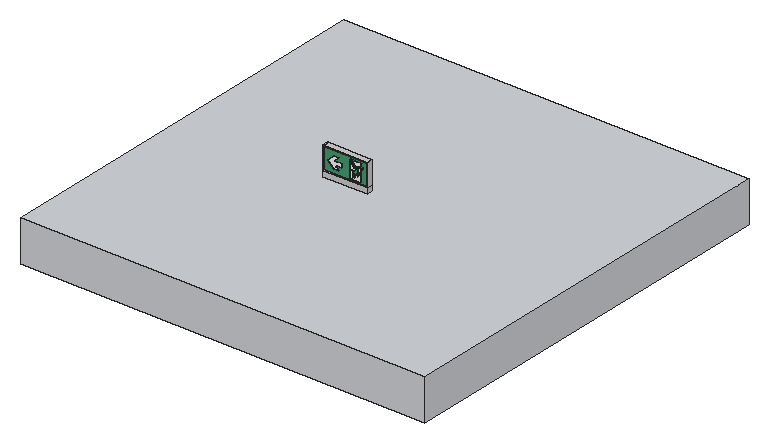
Revit family "Zumtobel CROSSIGN 160 P", category Leuchten, Revit 2016
Family settings
  Basisbauteil = Fläche
  Teiletyp = Normal
  Bemaßung runder Anschluss = Durchmesser verwenden
  OmniClass-Nummer = 23.80.70.11
  OmniClass-Titel = Luminaries for Internal Lighting
  Beim Laden mit Abzugskörper schneiden = Nein
  Lichtquelle = Ja
  Gemeinsam genutzt = Nein
  Raumberechnungspunkt = Nein
Parameters (values of type "CROSSIGN 160 P + LR")
  Width = 332 mm  # constant formula
  Wattage Comments = ""
  Wattage = 0.565497 W
  built-in parameter 1150110 = 1 (stored number, unit not read)
  Voltage = 230 V
  URL = "http://www.zumtobel.com/42185974"
  Typenkommentare = "© Zumtobel. We reserve the right to make technical changes without prior notice."  # constant formula
  built-in parameter 1114217 = 1 (stored number, unit not read)
  Tilt Angle = 180.00°
  built-in parameter 1150109 = 1 (stored number, unit not read)
  built-in parameter 1150134 = 12
  built-in parameter 1150113 = 1 (stored number, unit not read)
  Datei für fotometrisches Netz = "42180768+22168595_(STD-LEO).IES"
  built-in parameter 1150105 = 6.6845 (stored number, unit not read)
  Lumens = 84 lm
  built-in parameter 1150115 = 1 (stored number, unit not read)
  built-in parameter 1150137 = (empty or 0)
  built-in parameter 1150139 = (empty or 0)
  built-in parameter 1150112 = 1 (stored number, unit not read)
  built-in parameter 1150114 = 1 (stored number, unit not read)
  built-in parameter 1150132 = 2
  built-in parameter 1150102 = (empty or 0)
  built-in parameter 1150107 = 4000 (stored number, unit not read)
  built-in parameter 1150138 = (empty or 0)
  built-in parameter 1150106 = 0.066845 (stored number, unit not read)
  Height = 209.5 mm  # constant formula
  Escape Left & Right = yes
  Escape Top = no
  Von Breite des Rechtecks ausssenden = 44 mm
  Von Länge des Rechtecks aussenden = 360 mm
  Emissionsform beim Rendern sichtbar = no
  built-in parameter 1150104 = 13.8 (stored number, unit not read)
  ERI = no
  Farbtemperaturverschiebung bei Dämpfen der Lampe = <Keine Auswahl>
  Depth = 44 mm  # constant formula
  Modell = "42185974"
  Hersteller = "Zumtobel Lighting"  # constant formula
  Lampe = "LED"
  Beschreibung = if(ERI, "Escape sign + ERI LED luminaire ceiling surface-mount", "Escape sign LED luminaire ceiling surface-mount")  # "Escape sign LED luminaire ceiling surface-mount"
  Default Elevation = 0 mm
  Farbfilter = 16777215
  Body = Zumtobel_Metal_Aluminium
  built-in parameter 1114218 = 1 (stored number, unit not read)
  built-in parameter 1150133 = 10 (stored number, unit not read)
  Baugruppenkennzeichen = "D5020200"
  Scheinlast = 7.5 VA
Types (2, lengths in mm): name | Escape Left & Right | Escape Top | Von Länge des Rechtecks aussenden
  CROSSIGN 160 P  + O | no | yes | 305
  CROSSIGN 160 P + LR | yes | no | 360
Reference planes
  plane 1 "Center (Front/Back)": y = 0
  plane 2 "Bottom": z = 0
  plane 3 "Center (Left/Right)": x = -735.5
  plane 4 "Light Source Axis": z = 129.5
  plane 5: z = 209.5
  plane 6: z = 39.5
  plane 7: x = -901.5
  plane 8: x = -569.5
  plane 9: y = -22
  plane 10: y = 22
Forms (mm)
  Extrusion 1, solid
    sketch origin (123, 0, 0) x (1, 0, 0) y (0, 1, 0)
      loop
        line (-2085.5, 1500) -> (-2085.5, -1500) -> (914.5, -1500) -> (914.5, 1500) -> (-2085.5, 1500)
    from 0 to -304.8
  Extrusion 2, solid, material "Zumtobel_Metal_Aluminium" <- "Body"
    sketch origin (0, 0, 0) x (1, 0, 0) y (0, 1, 0)
      loop
        line (-901.5, 22) -> (-901.5, -22) -> (-569.5, -22) -> (-569.5, 22) -> (-901.5, 22)
    from 39.5 to 0
  Extrusion 3, solid, material "Zumtobel_Escape_Sign_Green_Self_Illumination", visible <- "Escape Top"
    sketch origin (0, 0, -295.5) x (1, 0, 0) y (0, 0, 1)
      loop
        line (-653.853, 428.358) -> (-651.685, 449.523)
        arc (-651.685, 449.523) -> (-650.098, 453.355) -> (-646.266, 454.942) r 5.42
        line (-646.266, 454.942) -> (-605.191, 454.942)
        arc (-605.191, 454.942) -> (-610.804, 446.945) -> (-620.08, 443.875) r 15.55
        line (-620.08, 443.875) -> (-638.222, 443.875)
        arc (-638.222, 443.875) -> (-639.916, 443.173) -> (-640.618, 441.479) r 2.396
        line (-640.618, 441.479) -> (-641.645, 425.619)
        arc (-641.645, 425.619) -> (-642.427, 420.108) -> (-644.041, 414.78) r 36.444
        line (-644.041, 414.78) -> (-652.084, 398.521) -> (-641.987, 398.521)
        arc (-641.987, 398.521) -> (-641.138, 398.917) -> (-640.504, 399.605) r 2.419
        line (-640.504, 399.605) -> (-632.537, 412.595)
        arc (-632.537, 412.595) -> (-626.032, 414.154) -> (-624.473, 407.649) r 4.73
        line (-624.473, 407.649) -> (-632.574, 394.186)
        arc (-632.574, 394.186) -> (-636.651, 390.46) -> (-642.101, 389.565) r 9.697
        line (-642.101, 389.565) -> (-668.115, 389.565)
        arc (-668.115, 389.565) -> (-674.077, 391.815) -> (-678.786, 396.109) r 16.93
        line (-678.786, 396.109) -> (-687.626, 407.934) -> (-701.546, 407.934) -> (-701.546, 355.05) -> (-616.828, 355.05) -> (-616.828, 441.529)
        arc (-616.828, 441.529) -> (-607.672, 446.126) -> (-602.452, 454.942) r 18.189
        line (-602.452, 454.942) -> (-602.452, 457.738) -> (-616.828, 457.738) -> (-616.828, 476.336) -> (-608.164, 485) -> (-664.125, 485) -> (-672.132, 477.526)
        arc (-672.132, 477.526) -> (-675.189, 475.513) -> (-678.74, 474.624) r 10.907
        line (-678.74, 474.624) -> (-687.911, 474.624) -> (-677.077, 485) -> (-692.881, 485) -> (-701.546, 476.336) -> (-701.546, 417.804) -> (-685.344, 417.804)
        arc (-685.344, 417.804) -> (-682.127, 416.399) -> (-679.582, 413.981) r 10.138
        line (-679.582, 413.981) -> (-673.249, 405.424) -> (-665.434, 421.797) -> (-689.794, 471.715) -> (-679.582, 471.715)
        arc (-679.582, 471.715) -> (-676.908, 470.985) -> (-674.976, 468.998) r 5.263
        line (-674.976, 468.998) -> (-653.853, 428.358)
      loop
        circle (-670.78, 377.395) r 10.133
      loop
        line (-574.5, 340) -> (-574.5, 500) -> (-896.5, 500) -> (-896.5, 340) -> (-574.5, 340)
      loop
        line (-825.836, 471.586) -> (-825.836, 417.336) -> (-857.078, 450.839) -> (-857.078, 416.201) -> (-812.516, 368.414) -> (-767.953, 416.201) -> (-767.953, 450.839) -> (-799.195, 417.336) -> (-799.195, 471.586) -> (-825.836, 471.586)
    from -22 to 22
  Extrusion 4, solid, material "Zumtobel_Escape_Sign_White_Self_Illumination", visible <- "Escape Top"
    sketch origin (0, 0, -295.5) x (1, 0, 0) y (0, 0, 1)
      loop
        line (-653.853, 428.358) -> (-651.685, 449.523)
        arc (-651.685, 449.523) -> (-650.098, 453.355) -> (-646.266, 454.942) r 5.42
        line (-646.266, 454.942) -> (-605.191, 454.942)
        arc (-605.191, 454.942) -> (-610.804, 446.945) -> (-620.08, 443.875) r 15.55
        line (-620.08, 443.875) -> (-638.222, 443.875)
        arc (-638.222, 443.875) -> (-639.916, 443.173) -> (-640.618, 441.479) r 2.396
        line (-640.618, 441.479) -> (-641.645, 425.619)
        arc (-641.645, 425.619) -> (-642.427, 420.108) -> (-644.041, 414.78) r 36.444
        line (-644.041, 414.78) -> (-652.084, 398.521) -> (-641.987, 398.521)
        arc (-641.987, 398.521) -> (-641.138, 398.917) -> (-640.504, 399.605) r 2.419
        line (-640.504, 399.605) -> (-632.537, 412.595)
        arc (-632.537, 412.595) -> (-626.032, 414.154) -> (-624.473, 407.649) r 4.73
        line (-624.473, 407.649) -> (-632.574, 394.186)
        arc (-632.574, 394.186) -> (-636.651, 390.46) -> (-642.101, 389.565) r 9.697
        line (-642.101, 389.565) -> (-668.115, 389.565)
        arc (-668.115, 389.565) -> (-674.077, 391.815) -> (-678.786, 396.109) r 16.93
        line (-678.786, 396.109) -> (-687.626, 407.934) -> (-701.546, 407.934) -> (-701.546, 355.05) -> (-616.828, 355.05) -> (-616.828, 441.529)
        arc (-616.828, 441.529) -> (-607.672, 446.126) -> (-602.452, 454.942) r 18.189
        line (-602.452, 454.942) -> (-602.452, 457.738) -> (-616.828, 457.738) -> (-616.828, 476.336) -> (-608.164, 485) -> (-664.125, 485) -> (-672.132, 477.526)
        arc (-672.132, 477.526) -> (-675.189, 475.513) -> (-678.74, 474.624) r 10.907
        line (-678.74, 474.624) -> (-687.911, 474.624) -> (-677.077, 485) -> (-692.881, 485) -> (-701.546, 476.336) -> (-701.546, 417.804) -> (-685.344, 417.804)
        arc (-685.344, 417.804) -> (-682.127, 416.399) -> (-679.582, 413.981) r 10.138
        line (-679.582, 413.981) -> (-673.249, 405.424) -> (-665.434, 421.797) -> (-689.794, 471.715) -> (-679.582, 471.715)
        arc (-679.582, 471.715) -> (-676.908, 470.985) -> (-674.976, 468.998) r 5.263
        line (-674.976, 468.998) -> (-653.853, 428.358)
      loop
        circle (-670.78, 377.395) r 10.133
      loop
        line (-825.836, 471.586) -> (-825.836, 417.336) -> (-857.078, 450.839) -> (-857.078, 416.201) -> (-812.516, 368.414) -> (-767.953, 416.201) -> (-767.953, 450.839) -> (-799.195, 417.336) -> (-799.195, 471.586) -> (-825.836, 471.586)
    from -22 to 22
  Extrusion 5, solid, material "Zumtobel_Metal_Aluminium" <- "Body"
    sketch origin (0, 0, -290.5) x (1, 0, 0) y (0, 0, 1)
      loop
        line (-896.5, 495) -> (-896.5, 335) -> (-574.5, 335) -> (-574.5, 495) -> (-896.5, 495)
      loop
        line (-901.5, 500) -> (-901.5, 330) -> (-569.5, 330) -> (-569.5, 500) -> (-901.5, 500)
    from -22 to 22
  Extrusion 6, solid, material "Zumtobel_Escape_Sign_Green_Self_Illumination", visible <- "Escape Left & Right"
    sketch origin (-500, 0, -295.5) x (1, 0, 0) y (0, 0, 1)
      loop
        line (-153.853, 428.358) -> (-151.685, 449.523)
        arc (-151.685, 449.523) -> (-150.098, 453.355) -> (-146.266, 454.942) r 5.42
        line (-146.266, 454.942) -> (-105.191, 454.942)
        arc (-105.191, 454.942) -> (-110.804, 446.945) -> (-120.08, 443.875) r 15.55
        line (-120.08, 443.875) -> (-138.222, 443.875)
        arc (-138.222, 443.875) -> (-139.916, 443.173) -> (-140.618, 441.479) r 2.396
        line (-140.618, 441.479) -> (-141.645, 425.619)
        arc (-141.645, 425.619) -> (-142.427, 420.108) -> (-144.041, 414.78) r 36.444
        line (-144.041, 414.78) -> (-152.084, 398.521) -> (-141.987, 398.521)
        arc (-141.987, 398.521) -> (-141.138, 398.917) -> (-140.504, 399.605) r 2.419
        line (-140.504, 399.605) -> (-132.537, 412.595)
        arc (-132.537, 412.595) -> (-126.032, 414.154) -> (-124.473, 407.649) r 4.73
        line (-124.473, 407.649) -> (-132.574, 394.186)
        arc (-132.574, 394.186) -> (-136.651, 390.46) -> (-142.101, 389.565) r 9.697
        line (-142.101, 389.565) -> (-168.115, 389.565)
        arc (-168.115, 389.565) -> (-174.077, 391.815) -> (-178.786, 396.109) r 16.93
        line (-178.786, 396.109) -> (-187.626, 407.934) -> (-201.546, 407.934) -> (-201.546, 355.05) -> (-116.828, 355.05) -> (-116.828, 441.529)
        arc (-116.828, 441.529) -> (-107.672, 446.126) -> (-102.452, 454.942) r 18.189
        line (-102.452, 454.942) -> (-102.452, 457.738) -> (-116.828, 457.738) -> (-116.828, 476.336) -> (-108.164, 485) -> (-164.125, 485) -> (-172.132, 477.526)
        arc (-172.132, 477.526) -> (-175.189, 475.513) -> (-178.74, 474.624) r 10.907
        line (-178.74, 474.624) -> (-187.911, 474.624) -> (-177.077, 485) -> (-192.881, 485) -> (-201.546, 476.336) -> (-201.546, 417.804) -> (-185.344, 417.804)
        arc (-185.344, 417.804) -> (-182.127, 416.399) -> (-179.582, 413.981) r 10.138
        line (-179.582, 413.981) -> (-173.249, 405.424) -> (-165.434, 421.797) -> (-189.794, 471.715) -> (-179.582, 471.715)
        arc (-179.582, 471.715) -> (-176.908, 470.985) -> (-174.976, 468.998) r 5.263
        line (-174.976, 468.998) -> (-153.853, 428.358)
      loop
        line (-261.414, 406.195) -> (-261.414, 432.836) -> (-315.664, 432.836) -> (-282.161, 464.078) -> (-316.799, 464.078) -> (-364.586, 419.516) -> (-316.799, 374.953) -> (-282.161, 374.953) -> (-315.664, 406.195) -> (-261.414, 406.195)
      loop
        circle (-170.78, 377.395) r 10.133
      loop
        line (-74.5, 340) -> (-74.5, 500) -> (-396.5, 500) -> (-396.5, 340) -> (-74.5, 340)
    from -22 to 22
  Extrusion 7, solid, material "Zumtobel_Escape_Sign_White_Self_Illumination", visible <- "Escape Left & Right"
    sketch origin (-500, 0, -295.5) x (1, 0, 0) y (0, 0, 1)
      loop
        line (-153.853, 428.358) -> (-151.685, 449.523)
        arc (-151.685, 449.523) -> (-150.098, 453.355) -> (-146.266, 454.942) r 5.42
        line (-146.266, 454.942) -> (-105.191, 454.942)
        arc (-105.191, 454.942) -> (-110.804, 446.945) -> (-120.08, 443.875) r 15.55
        line (-120.08, 443.875) -> (-138.222, 443.875)
        arc (-138.222, 443.875) -> (-139.916, 443.173) -> (-140.618, 441.479) r 2.396
        line (-140.618, 441.479) -> (-141.645, 425.619)
        arc (-141.645, 425.619) -> (-142.427, 420.108) -> (-144.041, 414.78) r 36.444
        line (-144.041, 414.78) -> (-152.084, 398.521) -> (-141.987, 398.521)
        arc (-141.987, 398.521) -> (-141.138, 398.917) -> (-140.504, 399.605) r 2.419
        line (-140.504, 399.605) -> (-132.537, 412.595)
        arc (-132.537, 412.595) -> (-126.032, 414.154) -> (-124.473, 407.649) r 4.73
        line (-124.473, 407.649) -> (-132.574, 394.186)
        arc (-132.574, 394.186) -> (-136.651, 390.46) -> (-142.101, 389.565) r 9.697
        line (-142.101, 389.565) -> (-168.115, 389.565)
        arc (-168.115, 389.565) -> (-174.077, 391.815) -> (-178.786, 396.109) r 16.93
        line (-178.786, 396.109) -> (-187.626, 407.934) -> (-201.546, 407.934) -> (-201.546, 355.05) -> (-116.828, 355.05) -> (-116.828, 441.529)
        arc (-116.828, 441.529) -> (-107.672, 446.126) -> (-102.452, 454.942) r 18.189
        line (-102.452, 454.942) -> (-102.452, 457.738) -> (-116.828, 457.738) -> (-116.828, 476.336) -> (-108.164, 485) -> (-164.125, 485) -> (-172.132, 477.526)
        arc (-172.132, 477.526) -> (-175.189, 475.513) -> (-178.74, 474.624) r 10.907
        line (-178.74, 474.624) -> (-187.911, 474.624) -> (-177.077, 485) -> (-192.881, 485) -> (-201.546, 476.336) -> (-201.546, 417.804) -> (-185.344, 417.804)
        arc (-185.344, 417.804) -> (-182.127, 416.399) -> (-179.582, 413.981) r 10.138
        line (-179.582, 413.981) -> (-173.249, 405.424) -> (-165.434, 421.797) -> (-189.794, 471.715) -> (-179.582, 471.715)
        arc (-179.582, 471.715) -> (-176.908, 470.985) -> (-174.976, 468.998) r 5.263
        line (-174.976, 468.998) -> (-153.853, 428.358)
      loop
        line (-261.414, 406.195) -> (-261.414, 432.836) -> (-315.664, 432.836) -> (-282.161, 464.078) -> (-316.799, 464.078) -> (-364.586, 419.516) -> (-316.799, 374.953) -> (-282.161, 374.953) -> (-315.664, 406.195) -> (-261.414, 406.195)
      loop
        circle (-170.78, 377.395) r 10.133
    from -22 to 22
  Extrusion 8, solid, material "Zumtobel_Escape_Sign_White_Self_Illumination", visible <- "ERI"
    sketch origin (-715.596, -755.5, 129.5) x (0, 0, 1) y (0, -1, 0)
      loop
        line (80, -748) -> (80, -763) -> (87, -763) -> (90, -760) -> (87, -760) -> (90, -757) -> (84.001, -757) -> (87.001, -754) -> (82.501, -754) -> (85.501, -751) -> (82.501, -751) -> (82.501, -748) -> (80, -748)
    from -7.5 to 7.5
  Extrusion 9, solid, material "Zumtobel_Escape_Sign_White_Self_Illumination", visible <- "ERI"
    sketch origin (-755.5, 755.5, 129.5) x (0, 0, 1) y (0, 1, 0)
      loop
        line (80, -748) -> (80, -763) -> (87, -763) -> (90, -760) -> (87, -760) -> (90, -757) -> (84.001, -757) -> (87.001, -754) -> (82.501, -754) -> (85.501, -751) -> (82.501, -751) -> (82.501, -748) -> (80, -748)
    from -7.5 to 7.5
Lines and regions (mm)
  symbolic lines, not visible, detail levels coarse
    curve 1: line (-735.5, 80, 0) -> (-735.5, -80, 0)
    curve 2: line (-735.5, 80, 0) -> (-735.5, -80, 0)
Dimensions and locks
  aligned and locked: plane 2 "Bottom" to Extrusion 1
  aligned and locked: level to Extrusion 1
  aligned: plane 2 "Bottom" to Extrusion 2
  aligned and locked: imposter light to plane 4 "Light Source Axis"
  aligned and locked: Extrusion 2 to plane 2 "Bottom"
  aligned and locked: Extrusion 2 to plane 6
Connectors
  electrical at (-735.5, 0, 0), driven by "Scheinlast", driven by "Voltage"
    settings: index 1, voltage 230 V, apparent load 0 VA, apparent load phase1 7.5 VA, apparent load phase2 0 VA, apparent load phase3 0 VA, power factor 1, load classification "Lighting", number of poles 1, system type 31, power factor state 1, is connector primary yes, connector utility no, sub classification motor no, connector description ""
